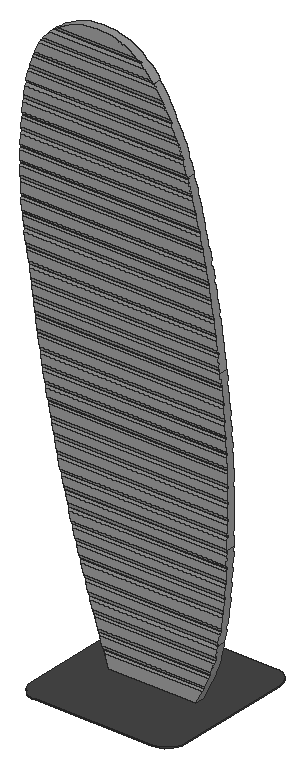
Revit family "Haworth_BuzziPlant_Surf_EU_PRELIMINARY", category Furniture, Revit 2018
Family settings
  OmniClass Number = 23.40.70.14.64.21
  OmniClass Title = Systems Furniture
  Work Plane-Based = No
  Always vertical = Yes
  Cut with Voids When Loaded = No
  Shared = No
  Room Calculation Point = No
Parameters (values of type "Surf")
  Warranty = "http://www.haworth.com/resources/product-info/warranties"
  Upholstery Finish [instance] = Haworth _ Fabric _ Undecided _ Screen
  Upholstery Depth = 2.7 cm  # constant formula
  URL - Product = "https://www.haworth.com/eu/en/products/acoustic-booths/buzziplant.html"
  URL = "https://www.haworth.com/eu/en.html"
  Size = "Verify Final Dim. w/ Haworth"  # constant formula
  Revision Number = "1"  # constant formula
  Model = "Buzzi Plant"  # constant formula
  Manufacturer = "Haworth"  # constant formula
  Description = "Haworth - BuzziPlant - Surf"  # constant formula
  Base Finish [instance] = Haworth _ Paint _ Black BTR-9005
  Author = "Haworth (Abd Rahman)"  # constant formula
  Assembly Code = "E2020200"
  Actual Width = 64 cm  # constant formula
  Actual Height = 178.306 cm  # constant formula
  Actual Depth = 49 cm  # constant formula
Reference planes (cm)
  plane 1 "Center F/B": y = 4.445
  plane 2: z = 0
  plane 3 "Back": y = 28.9421
  plane 4 "Front": y = -20.0521
  plane 5 "Top": z = 178.306
  plane 6 "Right": x = 108.0528
  plane 7 "Left": x = 44.0467
  plane 8: x = 76.0497
  plane 9 "Front Surface": y = 3.0988
  plane 10 "Back Surface": y = 5.7912
  plane 11 "Base Top": z = 0.3
Forms (cm)
  Extrusion 1, solid, material "Haworth _ Paint _ Black BTR-9005" <- "Base Finish"
    sketch origin (13.97, 0, 0) x (1, 0, 0) y (0, 1, 0)
      loop
        arc (88.0544, -20.0521) -> (92.3171, -18.2864) -> (94.0828, -14.0238) r 6.0283
        line (94.0828, -14.0238) -> (94.0828, 22.9096)
        arc (94.0828, 22.9096) -> (92.3159, 27.1752) -> (88.0503, 28.9421) r 6.0325
        line (88.0503, 28.9421) -> (51.3795, 28.9421)
        arc (51.3795, 28.9421) -> (47.1139, 27.1752) -> (45.347, 22.9096) r 6.0325
        line (45.347, 22.9096) -> (45.347, -14.0196)
        arc (45.347, -14.0196) -> (47.1139, -18.2852) -> (51.3795, -20.0521) r 6.0325
        line (51.3795, -20.0521) -> (88.0544, -20.0521)
    from 0 to 0.3
  Extrusion 2, solid, material "Haworth _ Fabric _ Undecided _ Screen" <- "Upholstery Finish"
    sketch origin (0, 4.445, 0) x (1, 0, 0) y (0, 0, 1)
      loop
        arc (97.4294, 0.3) -> (101.7907, 9.1898) -> (104.4135, 18.7382) r 52.7429
        arc (104.4135, 18.7382) -> (106.3496, 32.6605) -> (107.2822, 46.6858) r 195.8722
        arc (107.2822, 46.6858) -> (107.1032, 71.4262) -> (105.0585, 96.0826) r 327.7814
        arc (105.0585, 96.0826) -> (100.8975, 122.1833) -> (94.7872, 147.8977) r 351.518
        arc (94.7872, 147.8977) -> (90.409, 159.7585) -> (84.1374, 170.7363) r 76.5114
        arc (84.1374, 170.7363) -> (66.2561, 180.0769) -> (48.4934, 170.5129) r 21.528
        arc (48.4934, 170.5129) -> (48.4311, 170.415) -> (48.3734, 170.3144) r 2.54
        arc (48.3734, 170.3144) -> (45.441, 163.6149) -> (43.6886, 156.5148) r 42.92
        arc (43.6886, 156.5148) -> (41.993, 131.1646) -> (44.8581, 105.9198) r 141.5013
        arc (44.8581, 105.9198) -> (44.8765, 105.8205) -> (44.8909, 105.7206) r 2.54
        arc (44.8909, 105.7206) -> (54.529, 52.3178) -> (69.9854, 0.3) r 492.3678
        line (69.9854, 0.3) -> (97.4294, 0.3)
    from -1.3462 to 1.3462
  Extrusion 3, void
    sketch origin (0, 0.9525, 0) x (0, 1, 0) y (0, 0, -1)
      loop
        line (0.9929, -179.6058) -> (2.43, -175.1467)
        arc (2.43, -175.1467) -> (2.4374, -175.1) -> (2.4304, -175.0532) r 0.1546
        line (2.4304, -175.0532) -> (0.9929, -170.4468) -> (0.9929, -179.6058)
      loop
        line (5.9921, -179.6058) -> (5.9921, -170.4468) -> (4.5546, -175.0532)
        arc (4.5546, -175.0532) -> (4.5476, -175.1) -> (4.555, -175.1467) r 0.1546
        line (4.555, -175.1467) -> (5.9921, -179.6058)
    from -87.6216 to -37.9383
  Extrusion 4, void
    sketch origin (0, 0.9525, -4.4924) x (0, 1, 0) y (0, 0, -1)
      loop
        line (0.9929, -179.6058) -> (2.43, -175.1467)
        arc (2.43, -175.1467) -> (2.4374, -175.1) -> (2.4304, -175.0532) r 0.1546
        line (2.4304, -175.0532) -> (0.9929, -170.4468) -> (0.9929, -179.6058)
      loop
        line (5.9921, -179.6058) -> (5.9921, -170.4468) -> (4.5546, -175.0532)
        arc (4.5546, -175.0532) -> (4.5476, -175.1) -> (4.555, -175.1467) r 0.1546
        line (4.555, -175.1467) -> (5.9921, -179.6058)
    from -87.6216 to -37.9383
  Extrusion 5, void
    sketch origin (0, 0.9525, 336.3342) x (0, 1, 0) y (0, 0, -1)
      loop
        line (0.9929, 174.9924) -> (0.9929, 165.8334) -> (2.4304, 170.4398)
        arc (2.4304, 170.4398) -> (2.4374, 170.4865) -> (2.43, 170.5332) r 0.1546
        line (2.43, 170.5332) -> (0.9929, 174.9924)
      loop
        line (5.9921, 174.9924) -> (4.555, 170.5332)
        arc (4.555, 170.5332) -> (4.5476, 170.4865) -> (4.5546, 170.4398) r 0.1546
        line (4.5546, 170.4398) -> (5.9921, 165.8334) -> (5.9921, 174.9924)
    from -115.5601 to -4.9213
  Extrusion 6, void
    sketch origin (0, 0.9525, 331.8892) x (0, 1, 0) y (0, 0, -1)
      loop
        line (0.9929, 174.9924) -> (0.9929, 165.8334) -> (2.4304, 170.4398)
        arc (2.4304, 170.4398) -> (2.4374, 170.4865) -> (2.43, 170.5332) r 0.1546
        line (2.43, 170.5332) -> (0.9929, 174.9924)
      loop
        line (5.9921, 174.9924) -> (4.555, 170.5332)
        arc (4.555, 170.5332) -> (4.5476, 170.4865) -> (4.5546, 170.4398) r 0.1546
        line (4.5546, 170.4398) -> (5.9921, 165.8334) -> (5.9921, 174.9924)
    from -115.5601 to -4.9213
  Extrusion 7, void
    sketch origin (0, 0.9525, 327.4442) x (0, 1, 0) y (0, 0, -1)
      loop
        line (0.9929, 174.9924) -> (0.9929, 165.8334) -> (2.4304, 170.4398)
        arc (2.4304, 170.4398) -> (2.4374, 170.4865) -> (2.43, 170.5332) r 0.1546
        line (2.43, 170.5332) -> (0.9929, 174.9924)
      loop
        line (5.9921, 174.9924) -> (4.555, 170.5332)
        arc (4.555, 170.5332) -> (4.5476, 170.4865) -> (4.5546, 170.4398) r 0.1546
        line (4.5546, 170.4398) -> (5.9921, 165.8334) -> (5.9921, 174.9924)
    from -115.5601 to -4.9213
  Extrusion 8, void
    sketch origin (0, 0.9525, 322.7344) x (0, 1, 0) y (0, 0, -1)
      loop
        line (0.9929, 174.9924) -> (0.9929, 165.8334) -> (2.4304, 170.4398)
        arc (2.4304, 170.4398) -> (2.4374, 170.4865) -> (2.43, 170.5332) r 0.1546
        line (2.43, 170.5332) -> (0.9929, 174.9924)
      loop
        line (5.9921, 174.9924) -> (4.555, 170.5332)
        arc (4.555, 170.5332) -> (4.5476, 170.4865) -> (4.5546, 170.4398) r 0.1546
        line (4.5546, 170.4398) -> (5.9921, 165.8334) -> (5.9921, 174.9924)
    from -115.5601 to -4.9213
  Extrusion 9, void
    sketch origin (0, 0.9525, 317.8769) x (0, 1, 0) y (0, 0, -1)
      loop
        line (0.9929, 174.9924) -> (0.9929, 165.8334) -> (2.4304, 170.4398)
        arc (2.4304, 170.4398) -> (2.4374, 170.4865) -> (2.43, 170.5332) r 0.1546
        line (2.43, 170.5332) -> (0.9929, 174.9924)
      loop
        line (5.9921, 174.9924) -> (4.555, 170.5332)
        arc (4.555, 170.5332) -> (4.5476, 170.4865) -> (4.5546, 170.4398) r 0.1546
        line (4.5546, 170.4398) -> (5.9921, 165.8334) -> (5.9921, 174.9924)
    from -115.5601 to -4.9213
  Extrusion 10, void
    sketch origin (0, 0.9525, 313.4319) x (0, 1, 0) y (0, 0, -1)
      loop
        line (0.9929, 174.9924) -> (0.9929, 165.8334) -> (2.4304, 170.4398)
        arc (2.4304, 170.4398) -> (2.4374, 170.4865) -> (2.43, 170.5332) r 0.1546
        line (2.43, 170.5332) -> (0.9929, 174.9924)
      loop
        line (5.9921, 174.9924) -> (4.555, 170.5332)
        arc (4.555, 170.5332) -> (4.5476, 170.4865) -> (4.5546, 170.4398) r 0.1546
        line (4.5546, 170.4398) -> (5.9921, 165.8334) -> (5.9921, 174.9924)
    from -115.5601 to -4.9213
  Extrusion 11, void
    sketch origin (0, 0.9525, 308.6594) x (0, 1, 0) y (0, 0, -1)
      loop
        line (0.9929, 174.9924) -> (0.9929, 165.8334) -> (2.4304, 170.4398)
        arc (2.4304, 170.4398) -> (2.4374, 170.4865) -> (2.43, 170.5332) r 0.1546
        line (2.43, 170.5332) -> (0.9929, 174.9924)
      loop
        line (5.9921, 174.9924) -> (4.555, 170.5332)
        arc (4.555, 170.5332) -> (4.5476, 170.4865) -> (4.5546, 170.4398) r 0.1546
        line (4.5546, 170.4398) -> (5.9921, 165.8334) -> (5.9921, 174.9924)
    from -115.5601 to -4.9213
  Extrusion 12, void
    sketch origin (0, 0.9525, 304.1309) x (0, 1, 0) y (0, 0, -1)
      loop
        line (0.9929, 174.9924) -> (0.9929, 165.8334) -> (2.4304, 170.4398)
        arc (2.4304, 170.4398) -> (2.4374, 170.4865) -> (2.43, 170.5332) r 0.1546
        line (2.43, 170.5332) -> (0.9929, 174.9924)
      loop
        line (5.9921, 174.9924) -> (4.555, 170.5332)
        arc (4.555, 170.5332) -> (4.5476, 170.4865) -> (4.5546, 170.4398) r 0.1546
        line (4.5546, 170.4398) -> (5.9921, 165.8334) -> (5.9921, 174.9924)
    from -115.5601 to -4.9213
  Extrusion 13, void
    sketch origin (0, 0.9525, 299.7383) x (0, 1, 0) y (0, 0, -1)
      loop
        line (0.9929, 174.9924) -> (0.9929, 165.8334) -> (2.4304, 170.4398)
        arc (2.4304, 170.4398) -> (2.4374, 170.4865) -> (2.43, 170.5332) r 0.1546
        line (2.43, 170.5332) -> (0.9929, 174.9924)
      loop
        line (5.9921, 174.9924) -> (4.555, 170.5332)
        arc (4.555, 170.5332) -> (4.5476, 170.4865) -> (4.5546, 170.4398) r 0.1546
        line (4.5546, 170.4398) -> (5.9921, 165.8334) -> (5.9921, 174.9924)
    from -115.5601 to -4.9213
  Extrusion 14, void
    sketch origin (0, 0.9525, 294.9036) x (0, 1, 0) y (0, 0, -1)
      loop
        line (0.9929, 174.9924) -> (0.9929, 165.8334) -> (2.4304, 170.4398)
        arc (2.4304, 170.4398) -> (2.4374, 170.4865) -> (2.43, 170.5332) r 0.1546
        line (2.43, 170.5332) -> (0.9929, 174.9924)
      loop
        line (5.9921, 174.9924) -> (4.555, 170.5332)
        arc (4.555, 170.5332) -> (4.5476, 170.4865) -> (4.5546, 170.4398) r 0.1546
        line (4.5546, 170.4398) -> (5.9921, 165.8334) -> (5.9921, 174.9924)
    from -115.5601 to -4.9213
  Extrusion 15, void
    sketch origin (0, 0.9525, 290.2314) x (0, 1, 0) y (0, 0, -1)
      loop
        line (0.9929, 174.9924) -> (0.9929, 165.8334) -> (2.4304, 170.4398)
        arc (2.4304, 170.4398) -> (2.4374, 170.4865) -> (2.43, 170.5332) r 0.1546
        line (2.43, 170.5332) -> (0.9929, 174.9924)
      loop
        line (5.9921, 174.9924) -> (4.555, 170.5332)
        arc (4.555, 170.5332) -> (4.5476, 170.4865) -> (4.5546, 170.4398) r 0.1546
        line (4.5546, 170.4398) -> (5.9921, 165.8334) -> (5.9921, 174.9924)
    from -115.5601 to -4.9213
  Extrusion 16, void
    sketch origin (0, 0.9525, 286.0675) x (0, 1, 0) y (0, 0, -1)
      loop
        line (0.9929, 174.9924) -> (0.9929, 165.8334) -> (2.4304, 170.4398)
        arc (2.4304, 170.4398) -> (2.4374, 170.4865) -> (2.43, 170.5332) r 0.1546
        line (2.43, 170.5332) -> (0.9929, 174.9924)
      loop
        line (5.9921, 174.9924) -> (4.555, 170.5332)
        arc (4.555, 170.5332) -> (4.5476, 170.4865) -> (4.5546, 170.4398) r 0.1546
        line (4.5546, 170.4398) -> (5.9921, 165.8334) -> (5.9921, 174.9924)
    from -115.5601 to -4.9213
  Extrusion 17, void
    sketch origin (0, 0.9525, 281.0673) x (0, 1, 0) y (0, 0, -1)
      loop
        line (0.9929, 174.9924) -> (0.9929, 165.8334) -> (2.4304, 170.4398)
        arc (2.4304, 170.4398) -> (2.4374, 170.4865) -> (2.43, 170.5332) r 0.1546
        line (2.43, 170.5332) -> (0.9929, 174.9924)
      loop
        line (5.9921, 174.9924) -> (4.555, 170.5332)
        arc (4.555, 170.5332) -> (4.5476, 170.4865) -> (4.5546, 170.4398) r 0.1546
        line (4.5546, 170.4398) -> (5.9921, 165.8334) -> (5.9921, 174.9924)
    from -115.5601 to -4.9213
  Extrusion 18, void
    sketch origin (0, 0.9525, 271.8485) x (0, 1, 0) y (0, 0, -1)
      loop
        line (0.9929, 174.9924) -> (0.9929, 165.8334) -> (2.4304, 170.4398)
        arc (2.4304, 170.4398) -> (2.4374, 170.4865) -> (2.43, 170.5332) r 0.1546
        line (2.43, 170.5332) -> (0.9929, 174.9924)
      loop
        line (5.9921, 174.9924) -> (4.555, 170.5332)
        arc (4.555, 170.5332) -> (4.5476, 170.4865) -> (4.5546, 170.4398) r 0.1546
        line (4.5546, 170.4398) -> (5.9921, 165.8334) -> (5.9921, 174.9924)
    from -115.5601 to -4.9213
  Extrusion 19, void
    sketch origin (0, 0.9525, 267.2408) x (0, 1, 0) y (0, 0, -1)
      loop
        line (0.9929, 174.9924) -> (0.9929, 165.8334) -> (2.4304, 170.4398)
        arc (2.4304, 170.4398) -> (2.4374, 170.4865) -> (2.43, 170.5332) r 0.1546
        line (2.43, 170.5332) -> (0.9929, 174.9924)
      loop
        line (5.9921, 174.9924) -> (4.555, 170.5332)
        arc (4.555, 170.5332) -> (4.5476, 170.4865) -> (4.5546, 170.4398) r 0.1546
        line (4.5546, 170.4398) -> (5.9921, 165.8334) -> (5.9921, 174.9924)
    from -115.5601 to -4.9213
  Extrusion 20, void
    sketch origin (0, 0.9525, 262.7958) x (0, 1, 0) y (0, 0, -1)
      loop
        line (0.9929, 174.9924) -> (0.9929, 165.8334) -> (2.4304, 170.4398)
        arc (2.4304, 170.4398) -> (2.4374, 170.4865) -> (2.43, 170.5332) r 0.1546
        line (2.43, 170.5332) -> (0.9929, 174.9924)
      loop
        line (5.9921, 174.9924) -> (4.555, 170.5332)
        arc (4.555, 170.5332) -> (4.5476, 170.4865) -> (4.5546, 170.4398) r 0.1546
        line (4.5546, 170.4398) -> (5.9921, 165.8334) -> (5.9921, 174.9924)
    from -115.5601 to -4.9213
  Extrusion 21, void
    sketch origin (0, 0.9525, 258.0236) x (0, 1, 0) y (0, 0, -1)
      loop
        line (0.9929, 174.9924) -> (0.9929, 165.8334) -> (2.4304, 170.4398)
        arc (2.4304, 170.4398) -> (2.4374, 170.4865) -> (2.43, 170.5332) r 0.1546
        line (2.43, 170.5332) -> (0.9929, 174.9924)
      loop
        line (5.9921, 174.9924) -> (4.555, 170.5332)
        arc (4.555, 170.5332) -> (4.5476, 170.4865) -> (4.5546, 170.4398) r 0.1546
        line (4.5546, 170.4398) -> (5.9921, 165.8334) -> (5.9921, 174.9924)
    from -115.5601 to -4.9213
  Extrusion 22, void
    sketch origin (0, 0.9525, 253.3925) x (0, 1, 0) y (0, 0, -1)
      loop
        line (0.9929, 174.9924) -> (0.9929, 165.8334) -> (2.4304, 170.4398)
        arc (2.4304, 170.4398) -> (2.4374, 170.4865) -> (2.43, 170.5332) r 0.1546
        line (2.43, 170.5332) -> (0.9929, 174.9924)
      loop
        line (5.9921, 174.9924) -> (4.555, 170.5332)
        arc (4.555, 170.5332) -> (4.5476, 170.4865) -> (4.5546, 170.4398) r 0.1546
        line (4.5546, 170.4398) -> (5.9921, 165.8334) -> (5.9921, 174.9924)
    from -115.5601 to -4.9213
  Extrusion 23, void
    sketch origin (0, 0.9525, 248.7915) x (0, 1, 0) y (0, 0, -1)
      loop
        line (0.9929, 174.9924) -> (0.9929, 165.8334) -> (2.4304, 170.4398)
        arc (2.4304, 170.4398) -> (2.4374, 170.4865) -> (2.43, 170.5332) r 0.1546
        line (2.43, 170.5332) -> (0.9929, 174.9924)
      loop
        line (5.9921, 174.9924) -> (4.555, 170.5332)
        arc (4.555, 170.5332) -> (4.5476, 170.4865) -> (4.5546, 170.4398) r 0.1546
        line (4.5546, 170.4398) -> (5.9921, 165.8334) -> (5.9921, 174.9924)
    from -115.5601 to -4.9213
  Extrusion 24, void
    sketch origin (0, 0.9525, 244.3465) x (0, 1, 0) y (0, 0, -1)
      loop
        line (0.9929, 174.9924) -> (0.9929, 165.8334) -> (2.4304, 170.4398)
        arc (2.4304, 170.4398) -> (2.4374, 170.4865) -> (2.43, 170.5332) r 0.1546
        line (2.43, 170.5332) -> (0.9929, 174.9924)
      loop
        line (5.9921, 174.9924) -> (4.555, 170.5332)
        arc (4.555, 170.5332) -> (4.5476, 170.4865) -> (4.5546, 170.4398) r 0.1546
        line (4.5546, 170.4398) -> (5.9921, 165.8334) -> (5.9921, 174.9924)
    from -115.5601 to -4.9213
  Extrusion 25, void
    sketch origin (0, 0.9525, 239.9015) x (0, 1, 0) y (0, 0, -1)
      loop
        line (0.9929, 174.9924) -> (0.9929, 165.8334) -> (2.4304, 170.4398)
        arc (2.4304, 170.4398) -> (2.4374, 170.4865) -> (2.43, 170.5332) r 0.1546
        line (2.43, 170.5332) -> (0.9929, 174.9924)
      loop
        line (5.9921, 174.9924) -> (4.555, 170.5332)
        arc (4.555, 170.5332) -> (4.5476, 170.4865) -> (4.5546, 170.4398) r 0.1546
        line (4.5546, 170.4398) -> (5.9921, 165.8334) -> (5.9921, 174.9924)
    from -115.5601 to -4.9213
  Extrusion 26, void
    sketch origin (0, 0.9525, 234.9806) x (0, 1, 0) y (0, 0, -1)
      loop
        line (0.9929, 174.9924) -> (0.9929, 165.8334) -> (2.4304, 170.4398)
        arc (2.4304, 170.4398) -> (2.4374, 170.4865) -> (2.43, 170.5332) r 0.1546
        line (2.43, 170.5332) -> (0.9929, 174.9924)
      loop
        line (5.9921, 174.9924) -> (4.555, 170.5332)
        arc (4.555, 170.5332) -> (4.5476, 170.4865) -> (4.5546, 170.4398) r 0.1546
        line (4.5546, 170.4398) -> (5.9921, 165.8334) -> (5.9921, 174.9924)
    from -115.5601 to -4.9213
  Extrusion 27, void
    sketch origin (0, 0.9525, 230.5356) x (0, 1, 0) y (0, 0, -1)
      loop
        line (0.9929, 174.9924) -> (0.9929, 165.8334) -> (2.4304, 170.4398)
        arc (2.4304, 170.4398) -> (2.4374, 170.4865) -> (2.43, 170.5332) r 0.1546
        line (2.43, 170.5332) -> (0.9929, 174.9924)
      loop
        line (5.9921, 174.9924) -> (4.555, 170.5332)
        arc (4.555, 170.5332) -> (4.5476, 170.4865) -> (4.5546, 170.4398) r 0.1546
        line (4.5546, 170.4398) -> (5.9921, 165.8334) -> (5.9921, 174.9924)
    from -115.5601 to -4.9213
  Extrusion 28, void
    sketch origin (0, 0.9525, 225.7729) x (0, 1, 0) y (0, 0, -1)
      loop
        line (0.9929, 174.9924) -> (0.9929, 165.8334) -> (2.4304, 170.4398)
        arc (2.4304, 170.4398) -> (2.4374, 170.4865) -> (2.43, 170.5332) r 0.1546
        line (2.43, 170.5332) -> (0.9929, 174.9924)
      loop
        line (5.9921, 174.9924) -> (4.555, 170.5332)
        arc (4.555, 170.5332) -> (4.5476, 170.4865) -> (4.5546, 170.4398) r 0.1546
        line (4.5546, 170.4398) -> (5.9921, 165.8334) -> (5.9921, 174.9924)
    from -115.5601 to -4.9213
  Extrusion 29, void
    sketch origin (0, 0.9525, 221.1654) x (0, 1, 0) y (0, 0, -1)
      loop
        line (0.9929, 174.9924) -> (0.9929, 165.8334) -> (2.4304, 170.4398)
        arc (2.4304, 170.4398) -> (2.4374, 170.4865) -> (2.43, 170.5332) r 0.1546
        line (2.43, 170.5332) -> (0.9929, 174.9924)
      loop
        line (5.9921, 174.9924) -> (4.555, 170.5332)
        arc (4.555, 170.5332) -> (4.5476, 170.4865) -> (4.5546, 170.4398) r 0.1546
        line (4.5546, 170.4398) -> (5.9921, 165.8334) -> (5.9921, 174.9924)
    from -115.5601 to -4.9213
  Extrusion 30, void
    sketch origin (0, 0.9525, 216.559) x (0, 1, 0) y (0, 0, -1)
      loop
        line (0.9929, 174.9924) -> (0.9929, 165.8334) -> (2.4304, 170.4398)
        arc (2.4304, 170.4398) -> (2.4374, 170.4865) -> (2.43, 170.5332) r 0.1546
        line (2.43, 170.5332) -> (0.9929, 174.9924)
      loop
        line (5.9921, 174.9924) -> (4.555, 170.5332)
        arc (4.555, 170.5332) -> (4.5476, 170.4865) -> (4.5546, 170.4398) r 0.1546
        line (4.5546, 170.4398) -> (5.9921, 165.8334) -> (5.9921, 174.9924)
    from -115.5601 to -4.9213
  Extrusion 31, void
    sketch origin (0, 0.9525, 276.5106) x (0, 1, 0) y (0, 0, -1)
      loop
        line (0.9929, 174.9924) -> (0.9929, 165.8334) -> (2.4304, 170.4398)
        arc (2.4304, 170.4398) -> (2.4374, 170.4865) -> (2.43, 170.5332) r 0.1546
        line (2.43, 170.5332) -> (0.9929, 174.9924)
      loop
        line (5.9921, 174.9924) -> (4.555, 170.5332)
        arc (4.555, 170.5332) -> (4.5476, 170.4865) -> (4.5546, 170.4398) r 0.1546
        line (4.5546, 170.4398) -> (5.9921, 165.8334) -> (5.9921, 174.9924)
    from -115.5601 to -4.9213
  Extrusion 32, void
    sketch origin (0, 0.9525, 212.1085) x (0, 1, 0) y (0, 0, -1)
      loop
        line (0.9929, 174.9924) -> (0.9929, 165.8334) -> (2.4304, 170.4398)
        arc (2.4304, 170.4398) -> (2.4374, 170.4865) -> (2.43, 170.5332) r 0.1546
        line (2.43, 170.5332) -> (0.9929, 174.9924)
      loop
        line (5.9921, 174.9924) -> (4.555, 170.5332)
        arc (4.555, 170.5332) -> (4.5476, 170.4865) -> (4.5546, 170.4398) r 0.1546
        line (4.5546, 170.4398) -> (5.9921, 165.8334) -> (5.9921, 174.9924)
    from -115.5601 to -4.9213
  Extrusion 33, void
    sketch origin (0, 0.9525, 207.6635) x (0, 1, 0) y (0, 0, -1)
      loop
        line (0.9929, 174.9924) -> (0.9929, 165.8334) -> (2.4304, 170.4398)
        arc (2.4304, 170.4398) -> (2.4374, 170.4865) -> (2.43, 170.5332) r 0.1546
        line (2.43, 170.5332) -> (0.9929, 174.9924)
      loop
        line (5.9921, 174.9924) -> (4.555, 170.5332)
        arc (4.555, 170.5332) -> (4.5476, 170.4865) -> (4.5546, 170.4398) r 0.1546
        line (4.5546, 170.4398) -> (5.9921, 165.8334) -> (5.9921, 174.9924)
    from -115.5601 to -4.9213
  Extrusion 34, void
    sketch origin (0, 0.9525, 203.2185) x (0, 1, 0) y (0, 0, -1)
      loop
        line (0.9929, 174.9924) -> (0.9929, 165.8334) -> (2.4304, 170.4398)
        arc (2.4304, 170.4398) -> (2.4374, 170.4865) -> (2.43, 170.5332) r 0.1546
        line (2.43, 170.5332) -> (0.9929, 174.9924)
      loop
        line (5.9921, 174.9924) -> (4.555, 170.5332)
        arc (4.555, 170.5332) -> (4.5476, 170.4865) -> (4.5546, 170.4398) r 0.1546
        line (4.5546, 170.4398) -> (5.9921, 165.8334) -> (5.9921, 174.9924)
    from -115.5601 to -4.9213
  Extrusion 35, void
    sketch origin (0, 0.9525, 198.7735) x (0, 1, 0) y (0, 0, -1)
      loop
        line (0.9929, 174.9924) -> (0.9929, 165.8334) -> (2.4304, 170.4398)
        arc (2.4304, 170.4398) -> (2.4374, 170.4865) -> (2.43, 170.5332) r 0.1546
        line (2.43, 170.5332) -> (0.9929, 174.9924)
      loop
        line (5.9921, 174.9924) -> (4.555, 170.5332)
        arc (4.555, 170.5332) -> (4.5476, 170.4865) -> (4.5546, 170.4398) r 0.1546
        line (4.5546, 170.4398) -> (5.9921, 165.8334) -> (5.9921, 174.9924)
    from -115.5601 to -4.9213
  Extrusion 36, void
    sketch origin (0, 0.9525, 193.6935) x (0, 1, 0) y (0, 0, -1)
      loop
        line (0.9929, 174.9924) -> (0.9929, 165.8334) -> (2.4304, 170.4398)
        arc (2.4304, 170.4398) -> (2.4374, 170.4865) -> (2.43, 170.5332) r 0.1546
        line (2.43, 170.5332) -> (0.9929, 174.9924)
      loop
        line (5.9921, 174.9924) -> (4.555, 170.5332)
        arc (4.555, 170.5332) -> (4.5476, 170.4865) -> (4.5546, 170.4398) r 0.1546
        line (4.5546, 170.4398) -> (5.9921, 165.8334) -> (5.9921, 174.9924)
    from -115.5601 to -4.9213
  Extrusion 37, void
    sketch origin (0, 0.9525, 189.2485) x (0, 1, 0) y (0, 0, -1)
      loop
        line (0.9929, 174.9924) -> (0.9929, 165.8334) -> (2.4304, 170.4398)
        arc (2.4304, 170.4398) -> (2.4374, 170.4865) -> (2.43, 170.5332) r 0.1546
        line (2.43, 170.5332) -> (0.9929, 174.9924)
      loop
        line (5.9921, 174.9924) -> (4.555, 170.5332)
        arc (4.555, 170.5332) -> (4.5476, 170.4865) -> (4.5546, 170.4398) r 0.1546
        line (4.5546, 170.4398) -> (5.9921, 165.8334) -> (5.9921, 174.9924)
    from -115.5601 to -4.9213
  Extrusion 38, void
    sketch origin (0, 0.9525, 184.8035) x (0, 1, 0) y (0, 0, -1)
      loop
        line (0.9929, 174.9924) -> (0.9929, 165.8334) -> (2.4304, 170.4398)
        arc (2.4304, 170.4398) -> (2.4374, 170.4865) -> (2.43, 170.5332) r 0.1546
        line (2.43, 170.5332) -> (0.9929, 174.9924)
      loop
        line (5.9921, 174.9924) -> (4.555, 170.5332)
        arc (4.555, 170.5332) -> (4.5476, 170.4865) -> (4.5546, 170.4398) r 0.1546
        line (4.5546, 170.4398) -> (5.9921, 165.8334) -> (5.9921, 174.9924)
    from -115.5601 to -4.9213
  Extrusion 39, void
    sketch origin (0, 0.9525, 180.0485) x (0, 1, 0) y (0, 0, -1)
      loop
        line (0.9929, 174.9924) -> (0.9929, 165.8334) -> (2.4304, 170.4398)
        arc (2.4304, 170.4398) -> (2.4374, 170.4865) -> (2.43, 170.5332) r 0.1546
        line (2.43, 170.5332) -> (0.9929, 174.9924)
      loop
        line (5.9921, 174.9924) -> (4.555, 170.5332)
        arc (4.555, 170.5332) -> (4.5476, 170.4865) -> (4.5546, 170.4398) r 0.1546
        line (4.5546, 170.4398) -> (5.9921, 165.8334) -> (5.9921, 174.9924)
    from -115.5601 to -4.9213
  Extrusion 40, void
    sketch origin (0, 0.9525, 175.6035) x (0, 1, 0) y (0, 0, -1)
      loop
        line (0.9929, 174.9924) -> (0.9929, 165.8334) -> (2.4304, 170.4398)
        arc (2.4304, 170.4398) -> (2.4374, 170.4865) -> (2.43, 170.5332) r 0.1546
        line (2.43, 170.5332) -> (0.9929, 174.9924)
      loop
        line (5.9921, 174.9924) -> (4.555, 170.5332)
        arc (4.555, 170.5332) -> (4.5476, 170.4865) -> (4.5546, 170.4398) r 0.1546
        line (4.5546, 170.4398) -> (5.9921, 165.8334) -> (5.9921, 174.9924)
    from -115.5601 to -4.9213
Cuts and joins
  Extrusion 3, Extrusion 4, Extrusion 5, Extrusion 6, Extrusion 7, Extrusion 8, Extrusion 9, Extrusion 10, Extrusion 11, Extrusion 12, Extrusion 13, Extrusion 14, Extrusion 15, Extrusion 16, Extrusion 17, Extrusion 18, Extrusion 19, Extrusion 20, Extrusion 21, Extrusion 22, Extrusion 23, Extrusion 24, Extrusion 25, Extrusion 26, Extrusion 27, Extrusion 28, Extrusion 29, Extrusion 30, Extrusion 31, Extrusion 32, Extrusion 33, Extrusion 34, Extrusion 35, Extrusion 36, Extrusion 37, Extrusion 38, Extrusion 39, Extrusion 40 cuts Extrusion 2
Lines and regions (cm)
  Masking region 1
    outline origin (0, 0, 0) x (1, 0, 0) y (0, 1, 0)
      loop
        line (102.2053, 28.9421) -> (65.3495, 28.9421)
        arc (65.3495, 28.9421) -> (61.0839, 27.1752) -> (59.317, 22.9096) r 6.0325
        line (59.317, 22.9096) -> (59.317, 5.7912) -> (44.0467, 5.7912) -> (44.0467, 3.0988) -> (59.317, 3.0988) -> (59.317, -14.0196)
        arc (59.317, -14.0196) -> (61.0839, -18.2852) -> (65.3495, -20.0521) r 6.0325
        line (65.3495, -20.0521) -> (102.2095, -20.0521)
        arc (102.2095, -20.0521) -> (106.4721, -18.2864) -> (108.2378, -14.0238) r 6.0283
        line (108.2378, -14.0238) -> (108.2378, 22.9096)
        arc (108.2378, 22.9096) -> (106.4709, 27.1752) -> (102.2053, 28.9421) r 6.0325
  symbolic lines
    curve 1: line (108.2378, 5.7912, 0) -> (59.317, 5.7912, 0)
    curve 2: line (59.35, 3.0988, 0) -> (108.2378, 3.0988, 0)
Dimensions and locks (cm)
  "Actual Width": plane 7 "Left" to plane 6 "Right"
  "Actual Depth": plane 4 "Front" to plane 3 "Back"
  equal spacing: plane 4 "Front", plane 1 "Center F/B", plane 3 "Back"
  "Actual Height": plane 5 "Top" to level
  equal spacing: plane 7 "Left", plane 8, plane 6 "Right"
  plane 10 "Back Surface" to plane 9 "Front Surface" = 2.6924 cm
  aligned and locked: Extrusion 1 sketch curve to plane 3 "Back"
  aligned and locked: Extrusion 1 sketch curve to plane 4 "Front"
  aligned and locked: Extrusion 1 to plane 2
  aligned and locked: plane 11 "Base Top" to Extrusion 1
  aligned and locked: plane 10 "Back Surface" to Extrusion 2
  aligned and locked: Extrusion 2 to plane 9 "Front Surface"
  aligned and locked: plane 6 "Right" to Extrusion 1
Automatic sketch dimensions
  Extrusion 1 sketch curve to plane 7 "Left" = 15.2702 cm
  Extrusion 1 sketch curve to Extrusion 1 sketch curve = 6.0325 cm  (x2)
  Extrusion 1 sketch curve to plane 6 "Right" = 6.0325 cm
  Extrusion 1 sketch curve to plane 6 "Right" = 6.0283 cm
  plane 6 "Right" to Extrusion 1 sketch curve = 0 cm
  Extrusion 2 sketch curve to plane 11 "Base Top" = 0 cm
  plane 11 "Base Top" to Extrusion 2 sketch curve = 53.5321 cm
  plane 7 "Left" to Extrusion 2 sketch curve = 287.9579 cm
  Extrusion 2 sketch curve to Extrusion 2 sketch curve = 23.5646 cm
  Extrusion 2 sketch curve to Extrusion 2 sketch curve = 131.8478 cm
  plane 7 "Left" to Extrusion 2 sketch curve = 22.9806 cm
  plane 7 "Left" to Extrusion 2 sketch curve = 1.6765 cm
  Extrusion 2 sketch curve to plane 7 "Left" = 6.5583 cm
  Extrusion 2 sketch curve to plane 7 "Left" = 8.4209 cm
  plane 8 to Extrusion 2 sketch curve = 9.6587 cm
  plane 8 to Extrusion 2 sketch curve = 6.0643 cm
  Extrusion 2 sketch curve to plane 8 = 10.0331 cm
  Extrusion 2 sketch curve to plane 6 "Right" = 10.6233 cm
  plane 6 "Right" to Extrusion 2 sketch curve = 75.4038 cm
  Extrusion 2 sketch curve to plane 5 "Top" = 11.9699 cm
  Extrusion 2 sketch curve to Extrusion 2 sketch curve = 350.0568 cm
  level to Extrusion 2 sketch curve = 27.8726 cm
  level to Extrusion 2 sketch curve = 52.6611 cm
  Extrusion 2 sketch curve to Extrusion 2 sketch curve = 2.853 cm
  Extrusion 2 sketch curve to plane 5 "Top" = 72.8981 cm
  Extrusion 2 sketch curve to Extrusion 2 sketch curve = 22.0154 cm
  Extrusion 2 sketch curve to plane 5 "Top" = 43.8715 cm
  Extrusion 2 sketch curve to plane 5 "Top" = 28.4886 cm
  Extrusion 2 sketch curve to plane 5 "Top" = 19.7566 cm
  Extrusion 2 sketch curve to plane 5 "Top" = 9.2047 cm
  plane 7 "Left" to Extrusion 2 sketch curve = 0.3581 cm
  Extrusion 2 sketch curve to Extrusion 2 sketch curve = 0 cm  (x8)
  plane 9 "Front Surface" to Extrusion 3 sketch curve = 1.1534 cm
  Extrusion 3 sketch curve to plane 9 "Front Surface" = 0.1365 cm
  Extrusion 3 sketch curve to Extrusion 3 sketch curve = 0.1471 cm
  Extrusion 3 sketch curve to Extrusion 3 sketch curve = 0.0004 cm  (x2)
  plane 10 "Back Surface" to Extrusion 3 sketch curve = 0.2841 cm
  plane 10 "Back Surface" to Extrusion 3 sketch curve = 0.1365 cm
  Extrusion 3 sketch curve to plane 10 "Back Surface" = 1.1534 cm
  plane 5 "Top" to Extrusion 3 sketch curve = 7.8592 cm
  Extrusion 3 sketch curve to Extrusion 3 sketch curve = 0 cm  (x2)
  plane 5 "Top" to Extrusion 3 sketch curve = 3.2528 cm
  Extrusion 3 sketch curve to Extrusion 3 sketch curve = 0.046 cm  (x2)
  Extrusion 3 sketch curve to plane 5 "Top" = 1.2998 cm  (x2)
  plane 9 "Front Surface" to Extrusion 4 sketch curve = 1.1534 cm
  Extrusion 4 sketch curve to plane 9 "Front Surface" = 0.1365 cm
  Extrusion 4 sketch curve to Extrusion 4 sketch curve = 0.1471 cm
  Extrusion 4 sketch curve to Extrusion 4 sketch curve = 0.0004 cm  (x2)
  plane 10 "Back Surface" to Extrusion 4 sketch curve = 0.2841 cm
  plane 10 "Back Surface" to Extrusion 4 sketch curve = 0.1365 cm
  Extrusion 4 sketch curve to plane 10 "Back Surface" = 1.1534 cm
  plane 5 "Top" to Extrusion 4 sketch curve = 12.3515 cm
  Extrusion 4 sketch curve to Extrusion 4 sketch curve = 0 cm  (x2)
  Extrusion 4 sketch curve to Extrusion 4 sketch curve = 4.6064 cm
  Extrusion 4 sketch curve to Extrusion 4 sketch curve = 0.046 cm  (x2)
  plane 5 "Top" to Extrusion 4 sketch curve = 3.1926 cm  (x2)
  Extrusion 5 sketch curve to plane 9 "Front Surface" = 1.1534 cm
  plane 9 "Front Surface" to Extrusion 5 sketch curve = 0.1365 cm
  Extrusion 5 sketch curve to Extrusion 5 sketch curve = 0.1471 cm
  Extrusion 5 sketch curve to Extrusion 5 sketch curve = 0.0004 cm  (x2)
  Extrusion 5 sketch curve to plane 10 "Back Surface" = 0.2841 cm
  Extrusion 5 sketch curve to plane 10 "Back Surface" = 0.1365 cm
  plane 10 "Back Surface" to Extrusion 5 sketch curve = 1.1534 cm
  Extrusion 5 sketch curve to plane 5 "Top" = 7.8052 cm
  Extrusion 5 sketch curve to Extrusion 5 sketch curve = 0 cm  (x2)
  Extrusion 5 sketch curve to Extrusion 5 sketch curve = 4.6064 cm
  Extrusion 5 sketch curve to Extrusion 5 sketch curve = 0.046 cm  (x2)
  Extrusion 5 sketch curve to Extrusion 5 sketch curve = 4.4592 cm  (x2)
  Extrusion 6 sketch curve to plane 9 "Front Surface" = 1.1534 cm
  plane 9 "Front Surface" to Extrusion 6 sketch curve = 0.1365 cm
  Extrusion 6 sketch curve to Extrusion 6 sketch curve = 0.1471 cm
  Extrusion 6 sketch curve to Extrusion 6 sketch curve = 0.0004 cm  (x2)
  Extrusion 6 sketch curve to plane 10 "Back Surface" = 0.2841 cm
  Extrusion 6 sketch curve to plane 10 "Back Surface" = 0.1365 cm
  plane 10 "Back Surface" to Extrusion 6 sketch curve = 1.1534 cm
  Extrusion 6 sketch curve to plane 5 "Top" = 12.2502 cm
  Extrusion 6 sketch curve to Extrusion 6 sketch curve = 0 cm  (x2)
  Extrusion 6 sketch curve to Extrusion 6 sketch curve = 4.6064 cm
  Extrusion 6 sketch curve to Extrusion 6 sketch curve = 0.046 cm  (x2)
  Extrusion 6 sketch curve to Extrusion 6 sketch curve = 4.4592 cm  (x2)
  Extrusion 7 sketch curve to plane 9 "Front Surface" = 1.1534 cm
  plane 9 "Front Surface" to Extrusion 7 sketch curve = 0.1365 cm
  Extrusion 7 sketch curve to Extrusion 7 sketch curve = 0.1471 cm
  Extrusion 7 sketch curve to Extrusion 7 sketch curve = 0.0004 cm  (x2)
  Extrusion 7 sketch curve to plane 10 "Back Surface" = 0.2841 cm
  Extrusion 7 sketch curve to plane 10 "Back Surface" = 0.1365 cm
  plane 10 "Back Surface" to Extrusion 7 sketch curve = 1.1534 cm
  Extrusion 7 sketch curve to plane 5 "Top" = 16.6952 cm
  Extrusion 7 sketch curve to Extrusion 7 sketch curve = 0 cm  (x2)
  Extrusion 7 sketch curve to Extrusion 7 sketch curve = 4.6064 cm
  Extrusion 7 sketch curve to Extrusion 7 sketch curve = 0.046 cm  (x2)
  Extrusion 7 sketch curve to Extrusion 7 sketch curve = 4.4592 cm  (x2)
  Extrusion 8 sketch curve to plane 9 "Front Surface" = 1.1534 cm
  plane 9 "Front Surface" to Extrusion 8 sketch curve = 0.1365 cm
  Extrusion 8 sketch curve to Extrusion 8 sketch curve = 0.1471 cm
  Extrusion 8 sketch curve to Extrusion 8 sketch curve = 0.0004 cm  (x2)
  Extrusion 8 sketch curve to plane 10 "Back Surface" = 0.2841 cm
  Extrusion 8 sketch curve to plane 10 "Back Surface" = 0.1365 cm
  plane 10 "Back Surface" to Extrusion 8 sketch curve = 1.1534 cm
  Extrusion 8 sketch curve to plane 5 "Top" = 21.405 cm
  Extrusion 8 sketch curve to Extrusion 8 sketch curve = 0 cm  (x2)
  Extrusion 8 sketch curve to Extrusion 8 sketch curve = 4.6064 cm
  Extrusion 8 sketch curve to Extrusion 8 sketch curve = 0.046 cm  (x2)
  Extrusion 8 sketch curve to Extrusion 8 sketch curve = 4.4592 cm  (x2)
  Extrusion 9 sketch curve to plane 9 "Front Surface" = 1.1534 cm
  plane 9 "Front Surface" to Extrusion 9 sketch curve = 0.1365 cm
  Extrusion 9 sketch curve to Extrusion 9 sketch curve = 0.1471 cm
  Extrusion 9 sketch curve to Extrusion 9 sketch curve = 0.0004 cm  (x2)
  Extrusion 9 sketch curve to plane 10 "Back Surface" = 0.2841 cm
  Extrusion 9 sketch curve to plane 10 "Back Surface" = 0.1365 cm
  plane 10 "Back Surface" to Extrusion 9 sketch curve = 1.1534 cm
  Extrusion 9 sketch curve to plane 5 "Top" = 26.2625 cm
  Extrusion 9 sketch curve to Extrusion 9 sketch curve = 0 cm  (x2)
  Extrusion 9 sketch curve to Extrusion 9 sketch curve = 4.6064 cm
  Extrusion 9 sketch curve to Extrusion 9 sketch curve = 0.046 cm  (x2)
  Extrusion 9 sketch curve to Extrusion 9 sketch curve = 4.4592 cm  (x2)
  Extrusion 10 sketch curve to plane 9 "Front Surface" = 1.1534 cm
  plane 9 "Front Surface" to Extrusion 10 sketch curve = 0.1365 cm
  Extrusion 10 sketch curve to Extrusion 10 sketch curve = 0.1471 cm
  Extrusion 10 sketch curve to Extrusion 10 sketch curve = 0.0004 cm  (x2)
  Extrusion 10 sketch curve to plane 10 "Back Surface" = 0.2841 cm
  Extrusion 10 sketch curve to plane 10 "Back Surface" = 0.1365 cm
  plane 10 "Back Surface" to Extrusion 10 sketch curve = 1.1534 cm
  Extrusion 10 sketch curve to plane 5 "Top" = 30.7075 cm
  Extrusion 10 sketch curve to Extrusion 10 sketch curve = 0 cm  (x2)
  Extrusion 10 sketch curve to Extrusion 10 sketch curve = 4.6064 cm
  Extrusion 10 sketch curve to Extrusion 10 sketch curve = 0.046 cm  (x2)
  Extrusion 10 sketch curve to Extrusion 10 sketch curve = 4.4592 cm  (x2)
  Extrusion 11 sketch curve to plane 9 "Front Surface" = 1.1534 cm
  plane 9 "Front Surface" to Extrusion 11 sketch curve = 0.1365 cm
  Extrusion 11 sketch curve to Extrusion 11 sketch curve = 0.1471 cm
  Extrusion 11 sketch curve to Extrusion 11 sketch curve = 0.0004 cm  (x2)
  Extrusion 11 sketch curve to plane 10 "Back Surface" = 0.2841 cm
  Extrusion 11 sketch curve to plane 10 "Back Surface" = 0.1365 cm
  plane 10 "Back Surface" to Extrusion 11 sketch curve = 1.1534 cm
  Extrusion 11 sketch curve to plane 5 "Top" = 35.48 cm
  Extrusion 11 sketch curve to Extrusion 11 sketch curve = 0 cm  (x2)
  Extrusion 11 sketch curve to Extrusion 11 sketch curve = 4.6064 cm
  Extrusion 11 sketch curve to Extrusion 11 sketch curve = 0.046 cm  (x2)
  Extrusion 11 sketch curve to Extrusion 11 sketch curve = 4.4592 cm  (x2)
  Extrusion 12 sketch curve to plane 9 "Front Surface" = 1.1534 cm
  plane 9 "Front Surface" to Extrusion 12 sketch curve = 0.1365 cm
  Extrusion 12 sketch curve to Extrusion 12 sketch curve = 0.1471 cm
  Extrusion 12 sketch curve to Extrusion 12 sketch curve = 0.0004 cm  (x2)
  Extrusion 12 sketch curve to plane 10 "Back Surface" = 0.2841 cm
  Extrusion 12 sketch curve to plane 10 "Back Surface" = 0.1365 cm
  plane 10 "Back Surface" to Extrusion 12 sketch curve = 1.1534 cm
  Extrusion 12 sketch curve to plane 5 "Top" = 40.0085 cm
  Extrusion 12 sketch curve to Extrusion 12 sketch curve = 0 cm  (x2)
  Extrusion 12 sketch curve to Extrusion 12 sketch curve = 4.6064 cm
  Extrusion 12 sketch curve to Extrusion 12 sketch curve = 0.046 cm  (x2)
  Extrusion 12 sketch curve to Extrusion 12 sketch curve = 4.4592 cm  (x2)
  Extrusion 13 sketch curve to plane 9 "Front Surface" = 1.1534 cm
  plane 9 "Front Surface" to Extrusion 13 sketch curve = 0.1365 cm
  Extrusion 13 sketch curve to Extrusion 13 sketch curve = 0.1471 cm
  Extrusion 13 sketch curve to Extrusion 13 sketch curve = 0.0004 cm  (x2)
  Extrusion 13 sketch curve to plane 10 "Back Surface" = 0.2841 cm
  Extrusion 13 sketch curve to plane 10 "Back Surface" = 0.1365 cm
  plane 10 "Back Surface" to Extrusion 13 sketch curve = 1.1534 cm
  Extrusion 13 sketch curve to plane 5 "Top" = 44.4011 cm
  Extrusion 13 sketch curve to Extrusion 13 sketch curve = 0 cm  (x2)
  Extrusion 13 sketch curve to Extrusion 13 sketch curve = 4.6064 cm
  Extrusion 13 sketch curve to Extrusion 13 sketch curve = 0.046 cm  (x2)
  Extrusion 13 sketch curve to Extrusion 13 sketch curve = 4.4592 cm  (x2)
  Extrusion 14 sketch curve to plane 9 "Front Surface" = 1.1534 cm
  plane 9 "Front Surface" to Extrusion 14 sketch curve = 0.1365 cm
  Extrusion 14 sketch curve to Extrusion 14 sketch curve = 0.1471 cm
  Extrusion 14 sketch curve to Extrusion 14 sketch curve = 0.0004 cm  (x2)
  Extrusion 14 sketch curve to plane 10 "Back Surface" = 0.2841 cm
  Extrusion 14 sketch curve to plane 10 "Back Surface" = 0.1365 cm
  plane 10 "Back Surface" to Extrusion 14 sketch curve = 1.1534 cm
  Extrusion 14 sketch curve to plane 5 "Top" = 49.2359 cm
  Extrusion 14 sketch curve to Extrusion 14 sketch curve = 0 cm  (x2)
  Extrusion 14 sketch curve to Extrusion 14 sketch curve = 4.6064 cm
  Extrusion 14 sketch curve to Extrusion 14 sketch curve = 0.046 cm  (x2)
  Extrusion 14 sketch curve to Extrusion 14 sketch curve = 4.4592 cm  (x2)
  Extrusion 15 sketch curve to plane 9 "Front Surface" = 1.1534 cm
  plane 9 "Front Surface" to Extrusion 15 sketch curve = 0.1365 cm
  Extrusion 15 sketch curve to Extrusion 15 sketch curve = 0.1471 cm
  Extrusion 15 sketch curve to Extrusion 15 sketch curve = 0.0004 cm  (x2)
  Extrusion 15 sketch curve to plane 10 "Back Surface" = 0.2841 cm
  Extrusion 15 sketch curve to plane 10 "Back Surface" = 0.1365 cm
  plane 10 "Back Surface" to Extrusion 15 sketch curve = 1.1534 cm
  Extrusion 15 sketch curve to plane 5 "Top" = 53.908 cm
  Extrusion 15 sketch curve to Extrusion 15 sketch curve = 0 cm  (x2)
  Extrusion 15 sketch curve to Extrusion 15 sketch curve = 4.6064 cm
  Extrusion 15 sketch curve to Extrusion 15 sketch curve = 0.046 cm  (x2)
  Extrusion 15 sketch curve to Extrusion 15 sketch curve = 4.4592 cm  (x2)
  Extrusion 16 sketch curve to plane 9 "Front Surface" = 1.1534 cm
  plane 9 "Front Surface" to Extrusion 16 sketch curve = 0.1365 cm
  Extrusion 16 sketch curve to Extrusion 16 sketch curve = 0.1471 cm
  Extrusion 16 sketch curve to Extrusion 16 sketch curve = 0.0004 cm  (x2)
  Extrusion 16 sketch curve to plane 10 "Back Surface" = 0.2841 cm
  Extrusion 16 sketch curve to plane 10 "Back Surface" = 0.1365 cm
  plane 10 "Back Surface" to Extrusion 16 sketch curve = 1.1534 cm
  Extrusion 16 sketch curve to plane 5 "Top" = 58.0719 cm
  Extrusion 16 sketch curve to Extrusion 16 sketch curve = 0 cm  (x2)
  Extrusion 16 sketch curve to Extrusion 16 sketch curve = 4.6064 cm
  Extrusion 16 sketch curve to Extrusion 16 sketch curve = 0.046 cm  (x2)
  Extrusion 16 sketch curve to Extrusion 16 sketch curve = 4.4592 cm  (x2)
  Extrusion 17 sketch curve to plane 9 "Front Surface" = 1.1534 cm
  plane 9 "Front Surface" to Extrusion 17 sketch curve = 0.1365 cm
  Extrusion 17 sketch curve to Extrusion 17 sketch curve = 0.1471 cm
  Extrusion 17 sketch curve to Extrusion 17 sketch curve = 0.0004 cm  (x2)
  Extrusion 17 sketch curve to plane 10 "Back Surface" = 0.2841 cm
  Extrusion 17 sketch curve to plane 10 "Back Surface" = 0.1365 cm
  plane 10 "Back Surface" to Extrusion 17 sketch curve = 1.1534 cm
  Extrusion 17 sketch curve to plane 5 "Top" = 63.0721 cm
  Extrusion 17 sketch curve to Extrusion 17 sketch curve = 0 cm  (x2)
  Extrusion 17 sketch curve to Extrusion 17 sketch curve = 4.6064 cm
  Extrusion 17 sketch curve to Extrusion 17 sketch curve = 0.046 cm  (x2)
  Extrusion 17 sketch curve to Extrusion 17 sketch curve = 4.4592 cm  (x2)
  Extrusion 18 sketch curve to plane 9 "Front Surface" = 1.1534 cm
  plane 9 "Front Surface" to Extrusion 18 sketch curve = 0.1365 cm
  Extrusion 18 sketch curve to Extrusion 18 sketch curve = 0.1471 cm
  Extrusion 18 sketch curve to Extrusion 18 sketch curve = 0.0004 cm  (x2)
  Extrusion 18 sketch curve to plane 10 "Back Surface" = 0.2841 cm
  Extrusion 18 sketch curve to plane 10 "Back Surface" = 0.1365 cm
  plane 10 "Back Surface" to Extrusion 18 sketch curve = 1.1534 cm
  Extrusion 18 sketch curve to plane 5 "Top" = 72.291 cm
  Extrusion 18 sketch curve to Extrusion 18 sketch curve = 0 cm  (x2)
  Extrusion 18 sketch curve to Extrusion 18 sketch curve = 4.6064 cm
  Extrusion 18 sketch curve to Extrusion 18 sketch curve = 0.046 cm  (x2)
  Extrusion 18 sketch curve to Extrusion 18 sketch curve = 4.4592 cm  (x2)
  Extrusion 19 sketch curve to plane 9 "Front Surface" = 1.1534 cm
  plane 9 "Front Surface" to Extrusion 19 sketch curve = 0.1365 cm
  Extrusion 19 sketch curve to Extrusion 19 sketch curve = 0.1471 cm
  Extrusion 19 sketch curve to Extrusion 19 sketch curve = 0.0004 cm  (x2)
  Extrusion 19 sketch curve to plane 10 "Back Surface" = 0.2841 cm
  Extrusion 19 sketch curve to plane 10 "Back Surface" = 0.1365 cm
  plane 10 "Back Surface" to Extrusion 19 sketch curve = 1.1534 cm
  Extrusion 19 sketch curve to plane 5 "Top" = 76.8986 cm
  Extrusion 19 sketch curve to Extrusion 19 sketch curve = 0 cm  (x2)
  Extrusion 19 sketch curve to Extrusion 19 sketch curve = 4.6064 cm
  Extrusion 19 sketch curve to Extrusion 19 sketch curve = 0.046 cm  (x2)
  Extrusion 19 sketch curve to Extrusion 19 sketch curve = 4.4592 cm  (x2)
  Extrusion 20 sketch curve to plane 9 "Front Surface" = 1.1534 cm
  plane 9 "Front Surface" to Extrusion 20 sketch curve = 0.1365 cm
  Extrusion 20 sketch curve to Extrusion 20 sketch curve = 0.1471 cm
  Extrusion 20 sketch curve to Extrusion 20 sketch curve = 0.0004 cm  (x2)
  Extrusion 20 sketch curve to plane 10 "Back Surface" = 0.2841 cm
  Extrusion 20 sketch curve to plane 10 "Back Surface" = 0.1365 cm
  plane 10 "Back Surface" to Extrusion 20 sketch curve = 1.1534 cm
  Extrusion 20 sketch curve to plane 5 "Top" = 81.3436 cm
  Extrusion 20 sketch curve to Extrusion 20 sketch curve = 0 cm  (x2)
  Extrusion 20 sketch curve to Extrusion 20 sketch curve = 4.6064 cm
  Extrusion 20 sketch curve to Extrusion 20 sketch curve = 0.046 cm  (x2)
  Extrusion 20 sketch curve to Extrusion 20 sketch curve = 4.4592 cm  (x2)
  Extrusion 21 sketch curve to plane 9 "Front Surface" = 1.1534 cm
  plane 9 "Front Surface" to Extrusion 21 sketch curve = 0.1365 cm
  Extrusion 21 sketch curve to Extrusion 21 sketch curve = 0.1471 cm
  Extrusion 21 sketch curve to Extrusion 21 sketch curve = 0.0004 cm  (x2)
  Extrusion 21 sketch curve to plane 10 "Back Surface" = 0.2841 cm
  Extrusion 21 sketch curve to plane 10 "Back Surface" = 0.1365 cm
  plane 10 "Back Surface" to Extrusion 21 sketch curve = 1.1534 cm
  Extrusion 21 sketch curve to plane 5 "Top" = 86.1158 cm
  Extrusion 21 sketch curve to Extrusion 21 sketch curve = 0 cm  (x2)
  Extrusion 21 sketch curve to Extrusion 21 sketch curve = 4.6064 cm
  Extrusion 21 sketch curve to Extrusion 21 sketch curve = 0.046 cm  (x2)
  Extrusion 21 sketch curve to Extrusion 21 sketch curve = 4.4592 cm  (x2)
  Extrusion 22 sketch curve to plane 9 "Front Surface" = 1.1534 cm
  plane 9 "Front Surface" to Extrusion 22 sketch curve = 0.1365 cm
  Extrusion 22 sketch curve to Extrusion 22 sketch curve = 0.1471 cm
  Extrusion 22 sketch curve to Extrusion 22 sketch curve = 0.0004 cm  (x2)
  Extrusion 22 sketch curve to plane 10 "Back Surface" = 0.2841 cm
  Extrusion 22 sketch curve to plane 10 "Back Surface" = 0.1365 cm
  plane 10 "Back Surface" to Extrusion 22 sketch curve = 1.1534 cm
  plane 11 "Base Top" to Extrusion 22 sketch curve = 87.2591 cm
  Extrusion 22 sketch curve to Extrusion 22 sketch curve = 0 cm  (x2)
  Extrusion 22 sketch curve to Extrusion 22 sketch curve = 4.6064 cm
  Extrusion 22 sketch curve to Extrusion 22 sketch curve = 0.046 cm  (x2)
  Extrusion 22 sketch curve to Extrusion 22 sketch curve = 4.4592 cm  (x2)
  Extrusion 23 sketch curve to plane 9 "Front Surface" = 1.1534 cm
  plane 9 "Front Surface" to Extrusion 23 sketch curve = 0.1365 cm
  Extrusion 23 sketch curve to Extrusion 23 sketch curve = 0.1471 cm
  Extrusion 23 sketch curve to Extrusion 23 sketch curve = 0.0004 cm  (x2)
  Extrusion 23 sketch curve to plane 10 "Back Surface" = 0.2841 cm
  Extrusion 23 sketch curve to plane 10 "Back Surface" = 0.1365 cm
  plane 10 "Back Surface" to Extrusion 23 sketch curve = 1.1534 cm
  plane 11 "Base Top" to Extrusion 23 sketch curve = 82.6581 cm
  Extrusion 23 sketch curve to Extrusion 23 sketch curve = 0 cm  (x2)
  Extrusion 23 sketch curve to Extrusion 23 sketch curve = 4.6064 cm
  Extrusion 23 sketch curve to Extrusion 23 sketch curve = 0.046 cm  (x2)
  Extrusion 23 sketch curve to Extrusion 23 sketch curve = 4.4592 cm  (x2)
  Extrusion 24 sketch curve to plane 9 "Front Surface" = 1.1534 cm
  plane 9 "Front Surface" to Extrusion 24 sketch curve = 0.1365 cm
  Extrusion 24 sketch curve to Extrusion 24 sketch curve = 0.1471 cm
  Extrusion 24 sketch curve to Extrusion 24 sketch curve = 0.0004 cm  (x2)
  Extrusion 24 sketch curve to plane 10 "Back Surface" = 0.2841 cm
  Extrusion 24 sketch curve to plane 10 "Back Surface" = 0.1365 cm
  plane 10 "Back Surface" to Extrusion 24 sketch curve = 1.1534 cm
  plane 11 "Base Top" to Extrusion 24 sketch curve = 78.2131 cm
  Extrusion 24 sketch curve to Extrusion 24 sketch curve = 0 cm  (x2)
  Extrusion 24 sketch curve to Extrusion 24 sketch curve = 4.6064 cm
  Extrusion 24 sketch curve to Extrusion 24 sketch curve = 0.046 cm  (x2)
  Extrusion 24 sketch curve to Extrusion 24 sketch curve = 4.4592 cm  (x2)
  Extrusion 25 sketch curve to plane 9 "Front Surface" = 1.1534 cm
  plane 9 "Front Surface" to Extrusion 25 sketch curve = 0.1365 cm
  Extrusion 25 sketch curve to Extrusion 25 sketch curve = 0.1471 cm
  Extrusion 25 sketch curve to Extrusion 25 sketch curve = 0.0004 cm  (x2)
  Extrusion 25 sketch curve to plane 10 "Back Surface" = 0.2841 cm
  Extrusion 25 sketch curve to plane 10 "Back Surface" = 0.1365 cm
  plane 10 "Back Surface" to Extrusion 25 sketch curve = 1.1534 cm
  plane 11 "Base Top" to Extrusion 25 sketch curve = 73.7681 cm
  Extrusion 25 sketch curve to Extrusion 25 sketch curve = 0 cm  (x2)
  Extrusion 25 sketch curve to Extrusion 25 sketch curve = 4.6064 cm
  Extrusion 25 sketch curve to Extrusion 25 sketch curve = 0.046 cm  (x2)
  Extrusion 25 sketch curve to Extrusion 25 sketch curve = 4.4592 cm  (x2)
  Extrusion 26 sketch curve to plane 9 "Front Surface" = 1.1534 cm
  plane 9 "Front Surface" to Extrusion 26 sketch curve = 0.1365 cm
  Extrusion 26 sketch curve to Extrusion 26 sketch curve = 0.1471 cm
  Extrusion 26 sketch curve to Extrusion 26 sketch curve = 0.0004 cm  (x2)
  Extrusion 26 sketch curve to plane 10 "Back Surface" = 0.2841 cm
  Extrusion 26 sketch curve to plane 10 "Back Surface" = 0.1365 cm
  plane 10 "Back Surface" to Extrusion 26 sketch curve = 1.1534 cm
  plane 11 "Base Top" to Extrusion 26 sketch curve = 68.8472 cm
  Extrusion 26 sketch curve to Extrusion 26 sketch curve = 0 cm  (x2)
  Extrusion 26 sketch curve to Extrusion 26 sketch curve = 4.6064 cm
  Extrusion 26 sketch curve to Extrusion 26 sketch curve = 0.046 cm  (x2)
  Extrusion 26 sketch curve to Extrusion 26 sketch curve = 4.4592 cm  (x2)
  Extrusion 27 sketch curve to plane 9 "Front Surface" = 1.1534 cm
  plane 9 "Front Surface" to Extrusion 27 sketch curve = 0.1365 cm
  Extrusion 27 sketch curve to Extrusion 27 sketch curve = 0.1471 cm
  Extrusion 27 sketch curve to Extrusion 27 sketch curve = 0.0004 cm  (x2)
  Extrusion 27 sketch curve to plane 10 "Back Surface" = 0.2841 cm
  Extrusion 27 sketch curve to plane 10 "Back Surface" = 0.1365 cm
  plane 10 "Back Surface" to Extrusion 27 sketch curve = 1.1534 cm
  plane 11 "Base Top" to Extrusion 27 sketch curve = 64.4022 cm
  Extrusion 27 sketch curve to Extrusion 27 sketch curve = 0 cm  (x2)
  Extrusion 27 sketch curve to Extrusion 27 sketch curve = 4.6064 cm
  Extrusion 27 sketch curve to Extrusion 27 sketch curve = 0.046 cm  (x2)
  Extrusion 27 sketch curve to Extrusion 27 sketch curve = 4.4592 cm  (x2)
  Extrusion 28 sketch curve to plane 9 "Front Surface" = 1.1534 cm
  plane 9 "Front Surface" to Extrusion 28 sketch curve = 0.1365 cm
  Extrusion 28 sketch curve to Extrusion 28 sketch curve = 0.1471 cm
  Extrusion 28 sketch curve to Extrusion 28 sketch curve = 0.0004 cm  (x2)
  Extrusion 28 sketch curve to plane 10 "Back Surface" = 0.2841 cm
  Extrusion 28 sketch curve to plane 10 "Back Surface" = 0.1365 cm
  plane 10 "Back Surface" to Extrusion 28 sketch curve = 1.1534 cm
  plane 11 "Base Top" to Extrusion 28 sketch curve = 59.6395 cm
  Extrusion 28 sketch curve to Extrusion 28 sketch curve = 0 cm  (x2)
  Extrusion 28 sketch curve to Extrusion 28 sketch curve = 4.6064 cm
  Extrusion 28 sketch curve to Extrusion 28 sketch curve = 0.046 cm  (x2)
  Extrusion 28 sketch curve to Extrusion 28 sketch curve = 4.4592 cm  (x2)
  Extrusion 29 sketch curve to plane 9 "Front Surface" = 1.1534 cm
  plane 9 "Front Surface" to Extrusion 29 sketch curve = 0.1365 cm
  Extrusion 29 sketch curve to Extrusion 29 sketch curve = 0.1471 cm
  Extrusion 29 sketch curve to Extrusion 29 sketch curve = 0.0004 cm  (x2)
  Extrusion 29 sketch curve to plane 10 "Back Surface" = 0.2841 cm
  Extrusion 29 sketch curve to plane 10 "Back Surface" = 0.1365 cm
  plane 10 "Back Surface" to Extrusion 29 sketch curve = 1.1534 cm
  plane 11 "Base Top" to Extrusion 29 sketch curve = 55.032 cm
  Extrusion 29 sketch curve to Extrusion 29 sketch curve = 0 cm  (x2)
  Extrusion 29 sketch curve to Extrusion 29 sketch curve = 4.6064 cm
  Extrusion 29 sketch curve to Extrusion 29 sketch curve = 0.046 cm  (x2)
  Extrusion 29 sketch curve to Extrusion 29 sketch curve = 4.4592 cm  (x2)
  Extrusion 30 sketch curve to plane 9 "Front Surface" = 1.1534 cm
  plane 9 "Front Surface" to Extrusion 30 sketch curve = 0.1365 cm
  Extrusion 30 sketch curve to Extrusion 30 sketch curve = 0.1471 cm
  Extrusion 30 sketch curve to Extrusion 30 sketch curve = 0.0004 cm  (x2)
  Extrusion 30 sketch curve to plane 10 "Back Surface" = 0.2841 cm
  Extrusion 30 sketch curve to plane 10 "Back Surface" = 0.1365 cm
  plane 10 "Back Surface" to Extrusion 30 sketch curve = 1.1534 cm
  plane 11 "Base Top" to Extrusion 30 sketch curve = 50.4256 cm
  Extrusion 30 sketch curve to Extrusion 30 sketch curve = 0 cm  (x2)
  Extrusion 30 sketch curve to Extrusion 30 sketch curve = 4.6064 cm
  Extrusion 30 sketch curve to Extrusion 30 sketch curve = 0.046 cm  (x2)
  Extrusion 30 sketch curve to Extrusion 30 sketch curve = 4.4592 cm  (x2)
  Extrusion 31 sketch curve to plane 9 "Front Surface" = 1.1534 cm
  plane 9 "Front Surface" to Extrusion 31 sketch curve = 0.1365 cm
  Extrusion 31 sketch curve to Extrusion 31 sketch curve = 0.1471 cm
  Extrusion 31 sketch curve to Extrusion 31 sketch curve = 0.0004 cm  (x2)
  Extrusion 31 sketch curve to plane 10 "Back Surface" = 0.2841 cm
  Extrusion 31 sketch curve to plane 10 "Back Surface" = 0.1365 cm
  plane 10 "Back Surface" to Extrusion 31 sketch curve = 1.1534 cm
  Extrusion 31 sketch curve to plane 5 "Top" = 67.6288 cm
  Extrusion 31 sketch curve to Extrusion 31 sketch curve = 0 cm  (x2)
  Extrusion 31 sketch curve to Extrusion 31 sketch curve = 4.6064 cm
  Extrusion 31 sketch curve to Extrusion 31 sketch curve = 0.046 cm  (x2)
  Extrusion 31 sketch curve to Extrusion 31 sketch curve = 4.4592 cm  (x2)
  Extrusion 32 sketch curve to plane 9 "Front Surface" = 1.1534 cm
  plane 9 "Front Surface" to Extrusion 32 sketch curve = 0.1365 cm
  Extrusion 32 sketch curve to Extrusion 32 sketch curve = 0.1471 cm
  Extrusion 32 sketch curve to Extrusion 32 sketch curve = 0.0004 cm  (x2)
  Extrusion 32 sketch curve to plane 10 "Back Surface" = 0.2841 cm
  Extrusion 32 sketch curve to plane 10 "Back Surface" = 0.1365 cm
  plane 10 "Back Surface" to Extrusion 32 sketch curve = 1.1534 cm
  plane 11 "Base Top" to Extrusion 32 sketch curve = 45.9751 cm
  Extrusion 32 sketch curve to Extrusion 32 sketch curve = 0 cm  (x2)
  Extrusion 32 sketch curve to Extrusion 32 sketch curve = 4.6064 cm
  Extrusion 32 sketch curve to Extrusion 32 sketch curve = 0.046 cm  (x2)
  Extrusion 32 sketch curve to Extrusion 32 sketch curve = 4.4592 cm  (x2)
  Extrusion 33 sketch curve to plane 9 "Front Surface" = 1.1534 cm
  plane 9 "Front Surface" to Extrusion 33 sketch curve = 0.1365 cm
  Extrusion 33 sketch curve to Extrusion 33 sketch curve = 0.1471 cm
  Extrusion 33 sketch curve to Extrusion 33 sketch curve = 0.0004 cm  (x2)
  Extrusion 33 sketch curve to plane 10 "Back Surface" = 0.2841 cm
  Extrusion 33 sketch curve to plane 10 "Back Surface" = 0.1365 cm
  plane 10 "Back Surface" to Extrusion 33 sketch curve = 1.1534 cm
  plane 11 "Base Top" to Extrusion 33 sketch curve = 41.5301 cm
  Extrusion 33 sketch curve to Extrusion 33 sketch curve = 0 cm  (x2)
  Extrusion 33 sketch curve to Extrusion 33 sketch curve = 4.6064 cm
  Extrusion 33 sketch curve to Extrusion 33 sketch curve = 0.046 cm  (x2)
  Extrusion 33 sketch curve to Extrusion 33 sketch curve = 4.4592 cm  (x2)
  Extrusion 34 sketch curve to plane 9 "Front Surface" = 1.1534 cm
  plane 9 "Front Surface" to Extrusion 34 sketch curve = 0.1365 cm
  Extrusion 34 sketch curve to Extrusion 34 sketch curve = 0.1471 cm
  Extrusion 34 sketch curve to Extrusion 34 sketch curve = 0.0004 cm  (x2)
  Extrusion 34 sketch curve to plane 10 "Back Surface" = 0.2841 cm
